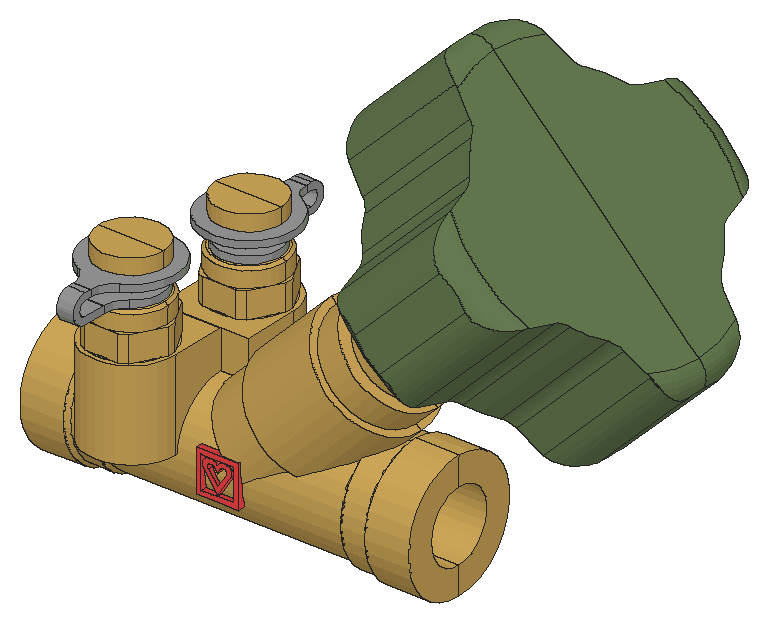
Revit family "Strangregulierventil mit Messblende für Trinkwasseranlagen 4017 MW (LF-MF)", category Rohrzubehör, Revit 2020
Family settings
  Bemaßung runder Anschluss = Durchmesser verwenden
  Teiletyp = Unterbricht
  OmniClass-Nummer = 23.65.55.14
  OmniClass-Titel = Valves for Liquid Services
  Arbeitsebenenbasiert = Nein
  Immer vertikal = Ja
  Beim Laden mit Abzugskörper schneiden = Nein
  Gemeinsam genutzt = Nein
Parameters (values of type "LF")
  kvs-Werte [instance] = if(and(Nennweite = 15.000 mm, LF), 0.46, if(and(Nennweite = 15.000 mm, MF), 0.88, 0))  # 0.46
  kv-Wert der Blende [instance] = if(and(Nennweite = 15.000 mm, LF), 0.48, if(and(Nennweite = 15.000 mm, MF), 0.97, 0))  # 0.48
  W01 = 45.00°  # constant formula
  Vorgabe-Ansicht = 0.000 mm
  URL = "www.herz-armaturen.at"
  SW01 = 60.00°  # constant formula
  SCRNSEQ = "FW;SBT_TYP_FW=\"109\";2"
  SCRNCODE = "04;00;02"  # constant formula
  S03 = 60.000 mm  # constant formula
  S02 [instance] = L04 + L06 + L07  # 76.800 mm
  S01 [instance] = D01 * 2  # 27.000 mm
  R03 = 21.500 mm  # constant formula
  R02 = 9.500 mm  # constant formula
  R01 = 12.000 mm  # constant formula
  O-Ringe = "EPDM"  # constant formula
  Medium = "Trinkwasser"  # constant formula
  MF = no
  LF = yes
  L10 [instance] = 28.500 mm  # constant formula
  L09 [instance] = 22.500 mm  # constant formula
  L08 [instance] = 12.700 mm  # constant formula
  L07 [instance] = 35.100 mm  # constant formula
  L06 [instance] = 6.500 mm  # constant formula
  L05 [instance] = 20.200 mm  # constant formula
  L04 [instance] = 35.200 mm  # constant formula
  L03 [instance] = 1.000 mm  # constant formula
  Hinweis = "Gemäß Art 33 der REACH-Verordnung (EG Nr. 1907/2006) sind wir verpflichtet, darauf hinzuweisen, dass der Stoff Blei auf der SVHC-Liste geführt wird und dass alle aus Messing bestehenden Bauteile, die in unseren Erzeugnissen verarbeitet sind, mehr als 0,1 % (w/w) Blei (CAS: 7439-92-1 / EINECS: 231-100-4) enthalten.\r\nDa Blei als Legierungsbestandteil fest gebunden ist, sind keine Expositionen zu erwarten und daher sind keine zusätzlichen Angaben zur sicheren Verwendung notwendig."
  Handrad = "Kunststoff, grün"  # constant formula
  H03 [instance] = H01 - 19.000 mm  # 1.000 mm
  H02 = 13.000 mm  # constant formula
  Gehäuse = "entzinkungsbeständiges Messing (DZR)"  # constant formula
  E01 [instance] = L00 / -2  # -41.500 mm
  E00 = 0.000 mm  # constant formula
  D09 [instance] = 11.750 mm  # constant formula
  D08 [instance] = 9.500 mm  # constant formula
  D07 [instance] = 12.000 mm  # constant formula
  D06 [instance] = 13.500 mm  # constant formula
  D05 [instance] = 12.500 mm  # constant formula
  D04 [instance] = Nennweite / 2  # 7.500 mm
  IG [instance] = Nennweite / 2  # 7.500 mm
  D03 [instance] = 11.900 mm  # constant formula
  D02 [instance] = 12.700 mm  # constant formula
  D01 [instance] = 13.500 mm  # constant formula
  Nennweite [instance] = 15.000 mm  # constant formula
  Max. Differenzdruck bei geschlossenen Sitz = 1000000.0 Pa  # constant formula
  Max. Betriebstemperatur bei 10 bar = 85 °C  # constant formula
  Max. Betriebsdruck bei 20°C = 2000000.0 Pa  # constant formula
  L02 [instance] = 5.000 mm  # constant formula
  L01 [instance] = 9.250 mm  # constant formula
  L00 [instance] = 83.000 mm  # constant formula
  Hersteller = "HERZ Armaturen Ges.m.b.H."  # constant formula
  H01 [instance] = 20.000 mm  # constant formula
  GT [instance] = 13.200 mm  # constant formula
  DN15 [instance] = Nennweite = 15.000 mm  # yes
  Bestellnummer [instance] = if(and(Nennweite = 15.000 mm, LF), 2401700, if(and(Nennweite = 15.000 mm, MF), 2401709, 0))  # 2401700
  Ausführung = "Nach Norm BS 7350 PN20 Serie B\r\nSchrägsitzregulierventil aus Kupferlegierung.\r\nAlle wasserberührten Metallteile sind aus entzinkungsbeständiger Kupferlegierung hergestellt.\r\nDie Oberteile sind mit nichtsteigender Spindel ausgestattet."
  Anwendungsgebiet = "Zum Absperren und Regulieren von Trinkwasseranlagen in Gebäuden bzw. zum hydraulischen Abgleich von Versorgungsleitungen."
Types (3, lengths in mm): name | kvs-Werte | kv-Wert der Blende | MF | LF | Bestellnummer
  (no name) | 0.46 | 0.48 | no | yes | 2401700
  LF | 0.46 | 0.48 | no | yes | 2401700
  MF | 0.88 | 0.97 | yes | no | 2401709
Reference planes
  plane 1 "Mitte (Vorne/hinten)": y = 0
  plane 2: z = 0
  plane 3 "Mitte (Links/rechts)": x = 0
Forms (mm)
  Revolve 1, solid, material "Messing, weicher Gelbton, geschweißt", detail levels fine
    sketch origin (470, 0, 0) x (1, 0, 0) y (0, 0, 1)
      loop
        line (-511.5, 7.5) -> (-498.3, 7.5) -> (-498.3, 0) -> (-441.7, 0) -> (-441.7, 7.5) -> (-428.5, 7.5) -> (-428.5, 13.5) -> (-437.75, 13.5) -> (-438.55, 12.7) -> (-443.55, 12.7) -> (-444.35, 11.9) -> (-495.65, 11.9) -> (-496.45, 12.7) -> (-501.45, 12.7) -> (-502.25, 13.5) -> (-511.5, 13.5) -> (-511.5, 7.5)
      axis (-511.5, 0) -> (-428.5, 0)
    angle from 0 to 360
  Revolve 2, solid, material "Messing, weicher Gelbton, geschweißt", detail levels fine
    sketch origin (0.32, 0, -0.105) x (1, 0, 0) y (0, 0, 1)
      loop
        line (-1.32, 0.105) -> (52.986, 54.411) -> (44.677, 62.719) -> (35.697, 53.739) -> (37.288, 52.148) -> (21.449, 36.309) -> (19.681, 38.076) -> (15.085, 33.48) -> (14.024, 34.541) -> (-0.259, 20.257) -> (0.448, 19.55) -> (-7.098, 12.005) -> (-6.623, 5.408) -> (-1.32, 0.105)
      axis (-1.32, 0.105) -> (52.986, 54.411)
    angle from 0 to 360
  Extrusion 3, solid, material "Messing, weicher Gelbton, geschweißt", detail levels fine
    sketch origin (0, 0, 0) x (1, 0, 0) y (0, 1, 0)
      loop
        arc (-28.5, -12) -> (-19, -21.5) -> (-9.5, -12) r 9.5
        line (-9.5, -12) -> (-9.5, 0) -> (-28.5, 0) -> (-28.5, -12)
    from 1 <- "H03" to 20 <- "H01"
  Extrusion 4, solid, material "Messing, weicher Gelbton, geschweißt", detail levels fine
    sketch origin (0, 0, 0) x (1, 0, 0) y (0, 1, 0)
      loop
        line (-22.5, 12) -> (-22.5, 0) -> (-3.5, 0) -> (-3.5, 12)
        arc (-3.5, 12) -> (-13, 21.5) -> (-22.5, 12) r 9.5
    from 0 to 20 <- "H01"
Lines and regions (mm)
  model lines, detail levels coarse+medium
    curve 1: line (-41.5, 0, 13.5) -> (-41.5, 0, -13.5)
    curve 2: line (-41.5, 0, -13.5) -> (41.5, 0, 13.5)
    curve 3: line (41.5, 0, 13.5) -> (41.5, 0, -13.5)
    curve 4: line (41.5, 0, -13.5) -> (-41.5, 0, 13.5)
    curve 5: line (0, 0, 0) -> (38.4, 0, 66.511)
    curve 6: line (12.419, 0, 81.511) -> (64.381, 0, 51.511)
    curve 7: line (-41.5, -13.5, 0) -> (-41.5, 13.5, 0)
    curve 8: line (-41.5, 13.5, 0) -> (41.5, -13.5, 0)
    curve 9: line (41.5, -13.5, 0) -> (41.5, 13.5, 0)
    curve 10: line (41.5, 13.5, 0) -> (-41.5, -13.5, 0)
    curve 11: line (0, 0, 0) -> (38.4, 66.511, 0)
    curve 12: line (12.419, 81.511, 0) -> (64.381, 51.511, 0)
Dimensions and locks
  "L00": Revolve 1 sketch curve to Revolve 1 sketch curve
  equal spacing: Revolve 1 sketch curve, plane 3 "Mitte (Links/rechts)", Revolve 1 sketch curve
  "D01": Revolve 1 sketch curve to Revolve 1 sketch curve  (x2)
  "GT": Revolve 1 sketch curve to Revolve 1 sketch curve  (x2)
  "D06": Revolve 2 sketch curve to Revolve 2 sketch curve
  "D07": Revolve 2 sketch curve to Revolve 2 sketch curve
  "D08": Revolve 2 sketch curve to Revolve 2 sketch curve
  "D09": Revolve 2 sketch curve to Revolve 2 sketch curve
  equal spacing: curve 1, plane 3 "Mitte (Links/rechts)", curve 3
  "L00": curve 1 to curve 3
  equal spacing: curve 4, plane 2, curve 2
  "S01": curve 4 to curve 1
  "S01": curve 3 to curve 4
  equal spacing: curve 3, plane 2, curve 4
  "S02": curve 5 to curve 5
  equal spacing: curve 6, curve 5, curve 6
  "S03": curve 6 to curve 6
  equal spacing: curve 7, plane 3 "Mitte (Links/rechts)", curve 9
  "L00": curve 7 to curve 9
  equal spacing: curve 10, plane 1 "Mitte (Vorne/hinten)", curve 8
  "S01": curve 8 to curve 10
  equal spacing: curve 9, plane 1 "Mitte (Vorne/hinten)", curve 10
  "S01": curve 10 to curve 9
  "S02": curve 11 to curve 11
  equal spacing: curve 12, curve 11, curve 12
  "S03": curve 12 to curve 12
  "L01": Revolve 1 sketch curve to Revolve 1 sketch curve  (x2)
  "D02": Revolve 1 sketch curve to plane 2  (x2)
  "D03": Revolve 1 sketch curve to plane 2
  "IG": Revolve 1 sketch curve to plane 2  (x2)
  "L02": Revolve 1 sketch curve to Revolve 1 sketch curve  (x2)
  "L04": Revolve 2 sketch curve to Revolve 2 sketch curve
  "L05": Revolve 2 sketch curve to Revolve 2 sketch curve
  "D03": Revolve 2 sketch curve to plane 2
  "L06": Revolve 2 sketch curve to Revolve 2 sketch curve
  "L08": Revolve 2 sketch curve to Revolve 2 sketch curve
  "L07": Revolve 2 sketch curve to Revolve 2 sketch curve
  "D04": Revolve 2 sketch curve to Revolve 2 sketch curve
  "D05": Revolve 2 sketch curve to Revolve 2 sketch curve
  "L03": plane 3 "Mitte (Links/rechts)" to Revolve 2 sketch curve  (x2)
  "D03": nested 1 to plane 1 "Mitte (Vorne/hinten)"
  "L09": Revolve 1 to Extrusion 3 sketch curve
  "R01": Extrusion 3 sketch curve to plane 1 "Mitte (Vorne/hinten)"
  "R01": plane 1 "Mitte (Vorne/hinten)" to Extrusion 4 sketch curve
  "L10": Revolve 1 to Extrusion 4 sketch curve
  "H01": nested 3 to plane 2
  "H01": nested 2 to plane 2
  "R01": nested 3 to plane 1 "Mitte (Vorne/hinten)"
  "R01": plane 1 "Mitte (Vorne/hinten)" to nested 2
  "L10": Revolve 1 to nested 2
  "L09": Revolve 1 to nested 3
  "R02": radius of Extrusion 3 sketch curve
  "R02": radius of Extrusion 4 sketch curve
  "W01": angle level to Revolve 2 sketch curve
  "SW01": angle plane 2 to curve 5
  "SW01": angle plane 1 "Mitte (Vorne/hinten)" to curve 11
  "W01": angle Revolve 1 sketch curve to Revolve 1 sketch curve  (x4)
  "W01": angle plane 2 to Revolve 2 sketch curve
  aligned and locked: level to plane 2
Automatic sketch dimensions
  curve 5 to level = 0.000 mm
  plane 1 "Mitte (Vorne/hinten)" to curve 11 = 0.000 mm
  Revolve 1 sketch curve to level = 0.000 mm  (x2)
  Revolve 1 sketch curve to Revolve 1 sketch curve = 791.990 mm
  Revolve 1 sketch curve to Revolve 1 sketch curve = 2278.983 mm
  Revolve 2 sketch curve to level = 0.000 mm  (x2)
  plane 1 "Mitte (Vorne/hinten)" to Extrusion 3 sketch curve = 0.000 mm
  plane 1 "Mitte (Vorne/hinten)" to Extrusion 4 sketch curve = 0.000 mm
Nested families
  nested 1: "Herz-Logo-vorne" at (0, -11.9, 0) x (0, 1, 0) z (0, 0, 1), type "Herz-Logo-vorne", detail levels fine
  nested 2: "Messstutzen_Band_Austritt_senkrecht_(oben)" at (-13, 12, 2.5), type "Messstutzen_Band_Austritt_senkrecht_(oben)"
    with Schutzkappe yes, Nennweite 0.000 mm, Gewicht 0.00 kg, Bestellnummer 0
  nested 3: "Messstutzen_Band_Eintritt_senkrecht_(oben)" at (-19, -12, 2.5) x (-1, 0, 0) z (0, 0, 1), type "Messstutzen_Band_Eintritt_senkrecht_(oben)"
    with Schutzkappe yes, Nennweite 0.000 mm, Gewicht 0.00 kg, Bestellnummer 0
  nested 4: "Strangregulierventil-Handrad (Grün) DN15-DN32" at (53.306, 0, 54.306), visible <- "DN15", type "Strangregulierventil-Handrad (Grün) DN15-DN32"
    with Nennweite 0.000 mm, Gewicht 0.00 kg, Bestellnummer 0
Connectors
  piping at (-28.3, 0, 0), diameter 15, driven by "Nennweite"
    settings: on Revolve 1, index 1, connector inside diameter 609.6 mm, connector length 0.000 mm, flow factor 0, pipe flow 0.0 L/s, pressure drop 0.0 Pa, fitting loss kfactor 0, connector angle 0.00°, fixture units 0, engagement length 0.000 mm, angle of deflection 0.00°, flow configuration 0, flow direction 1, fitting loss method 0, system type 29, joint type 0, gender type 0, connector reference index -1, connector utility 0, adjustable connector no, is connector primary yes, connector description ""
  piping at (28.3, 0, 0), diameter 15, driven by "Nennweite"
    settings: on Revolve 1, index 2, connector inside diameter 609.6 mm, connector length 0.000 mm, flow factor 0, pipe flow 0.0 L/s, pressure drop 0.0 Pa, fitting loss kfactor 0, connector angle 0.00°, fixture units 0, engagement length 0.000 mm, angle of deflection 0.00°, flow configuration 0, flow direction 2, fitting loss method 0, system type 29, joint type 0, gender type 0, connector reference index -1, connector utility 0, adjustable connector no, is connector primary no, connector description ""
Definition of nested family "Herz-Logo-vorne"
  Parameters (values of type "Herz-Logo-vorne")
    Default Elevation = 0.000 mm
  Reference planes
    plane 1 "Mitte (Vorne/hinten)": y = 0
    plane 2: z = 0
    plane 3 "Mitte (Links/rechts)": x = 0
  Forms (mm)
    Extrusion 1, solid
      sketch origin (0.732, -0.018, 0.017) x (0, -1, 0) y (0, 0, 1)
        loop
          line (-0.018, -4.517) -> (4.482, -4.517) -> (4.482, 4.483) -> (-4.518, 4.483) -> (-4.518, -4.517) -> (-0.018, -4.517)
        loop
          line (-0.05, -3.48) -> (3.482, -3.48) -> (3.482, 3.483) -> (-3.518, 3.483) -> (-3.518, -3.48) -> (-0.05, -3.48)
        loop
          arc (-0.018, 2.383) -> (-1.543, 3.287) -> (-3.067, 2.383) r 1.738
          arc (-3.067, 2.383) -> (-3.191, 1.899) -> (-3.067, 1.415) r 1.009
          line (-3.067, 1.415) -> (-0.018, -3.281) -> (3.032, 1.415)
          arc (3.032, 1.415) -> (3.156, 1.899) -> (3.032, 2.383) r 1.009
          arc (3.032, 2.383) -> (1.507, 3.287) -> (-0.018, 2.383) r 1.738
        loop
          arc (1.885, 1.272) -> (2.005, 1.675) -> (1.885, 2.079) r 0.74
          arc (1.885, 2.079) -> (1.265, 2.416) -> (0.644, 2.079) r 0.74
          line (0.644, 2.079) -> (-0.018, 0.97) -> (-0.679, 2.079)
          arc (-0.679, 2.079) -> (-1.3, 2.416) -> (-1.921, 2.079) r 0.74
          arc (-1.921, 2.079) -> (-2.04, 1.675) -> (-1.921, 1.272) r 0.74
          line (-1.921, 1.272) -> (-0.018, -1.658) -> (1.885, 1.272)
      from 0 to 1.5
  Dimensions and locks
    aligned and locked: level to plane 2
Definition of nested family "Messstutzen_Band_Austritt_senkrecht_(oben)"
  Parameters (values of type "Messstutzen_Band_Austritt_senkrecht_(oben)")
    Default Elevation = 0.000 mm
    URL = "www.herz-armaturen.at"
    Schutzkappe [instance] = yes
    Nennweite [instance] = 0.000 mm
    Manufacturer = "Herz Armaturen GmbH"  # constant formula
    Gewicht [instance] = 0.00 kg
    Bestellnummer [instance] = 0
  Reference planes
    plane 1 "Mitte (Vorne/hinten)": y = 0
    plane 2: z = 0
    plane 3 "Mitte (Links/rechts)": x = 0
    plane 4 "Schlaufe 1": z = -27
    plane 5 "Schlaufe 2": z = -31.678
  Forms (mm)
    Revolve 1, solid, detail levels fine
      sketch origin (0, 0, 0) x (1, 0, 0) y (0, 0, 1)
        loop
          line (-7.4, 9) -> (-5.55, 9) -> (-5.55, 6)
          arc (-5.55, 6) -> (-5.626, 5.617) -> (-5.843, 5.293) r 1
          line (-5.843, 5.293) -> (-6.455, 4.681) -> (-6.455, 0.9) -> (-5.555, 0) -> (-2, 0) -> (-2, 17.5) -> (-8.4, 17.5)
          arc (-8.4, 17.5) -> (-7.693, 17.207) -> (-7.4, 16.5) r 1
          line (-7.4, 16.5) -> (-7.4, 9)
        loop
          line (-3.7, 27) -> (-7.3, 27) -> (-7.9, 26.4) -> (-7.9, 23) -> (-2, 23) -> (-2, 35.8) -> (-3.805, 35.8) -> (-4.415, 35.19) -> (-4.415, 30.863) -> (-3.7, 30.45) -> (-3.7, 27)
        axis (0, 0) -> (0, 35.8)
      angle from 0 to 360
    Extrusion 2, solid, detail levels fine
      sketch origin (0, 0, 17.5) x (0, 1, 0) y (-1, 0, 0)
        loop
          arc (-7.07, 5.156) -> (-7.578, 4.375) -> (-8, 3.544) r 8.75
          line (-8, 3.544) -> (-8, -3.544)
          arc (-8, -3.544) -> (-7.578, -4.375) -> (-7.07, -5.156) r 8.75
          line (-7.07, -5.156) -> (-0.93, -8.7)
          arc (-0.93, -8.7) -> (0, -8.75) -> (0.93, -8.7) r 8.75
          line (0.93, -8.7) -> (7.07, -5.156)
          arc (7.07, -5.156) -> (7.578, -4.375) -> (8, -3.544) r 8.75
          line (8, -3.544) -> (8, 3.544)
          arc (8, 3.544) -> (7.578, 4.375) -> (7.07, 5.156) r 8.75
          line (7.07, 5.156) -> (0.93, 8.7)
          arc (0.93, 8.7) -> (0, 8.75) -> (-0.93, 8.7) r 8.75
          line (-0.93, 8.7) -> (-7.07, 5.156)
      from 0 to 5.5
    Revolve 3, solid, visible <- "Schutzkappe", detail levels fine
      sketch origin (0, 0, 0) x (1, 0, 0) y (0, 0, 1)
        loop
          line (0, 35.878) -> (0, 36.678) -> (-7, 36.678) -> (-7, 33.378) -> (-6.1, 33.378) -> (-6.1, 31.678) -> (-6.9, 31.678) -> (-6.9, 30.178) -> (-4.415, 30.178) -> (-4.415, 35.268) -> (-3.805, 35.878) -> (0, 35.878)
        axis (0, 30.178) -> (0, 36.678)
      angle from 0 to 360
    Extrusion 4, solid, detail levels fine
      sketch origin (0, 0, 28.5) x (1, 0, 0) y (0, 1, 0)
        loop
          circle (0, 0) r 3.7
        loop
          arc (-3.906, 5.505) -> (0, -6.75) -> (3.906, 5.505) r 6.75
          arc (3.906, 5.505) -> (2.358, 7.288) -> (1.8, 9.582) r 5
          line (1.8, 9.582) -> (-1.8, 9.582)
          arc (-1.8, 9.582) -> (-2.358, 7.288) -> (-3.906, 5.505) r 5
      from 0 to -1.5
    Extrusion 5, solid, detail levels fine
      sketch origin (0, 0, 33.178) x (1, 0, 0) y (0, 1, 0)
        loop
          circle (0, 0) r 6.1
        loop
          arc (-4.495, 8.652) -> (0, -9.75) -> (4.495, 8.652) r 9.75
          arc (4.495, 8.652) -> (2.527, 10.493) -> (1.8, 13.089) r 5
          line (1.8, 13.089) -> (-1.8, 13.089)
          arc (-1.8, 13.089) -> (-2.527, 10.493) -> (-4.495, 8.652) r 5
      from 0 to -1.5
    Sweep 6, solid, detail levels fine
      path origin (0, 0, 0) x (0, 0, -1) y (0, -1, 0)
        loop
          line (-27.75, -9.582) -> (-27.75, -14.522)
          arc (-27.75, -14.522) -> (-30.089, -16.862) -> (-32.428, -14.522) r 2.339
          line (-32.428, -14.522) -> (-32.428, -13.089)
      profile origin (0, 12.052, 27.75) x (0, 0, 1) y (1, 0, 0)
        loop
          line (-0.75, -1.8) -> (0.75, -1.8) -> (0.75, 1.8) -> (-0.75, 1.8) -> (-0.75, -1.8)
  Dimensions and locks
    aligned and locked: level to plane 2
Definition of nested family "Messstutzen_Band_Eintritt_senkrecht_(oben)"
  Parameters (values of type "Messstutzen_Band_Eintritt_senkrecht_(oben)")
    Default Elevation = 0.000 mm
    URL = "www.herz-armaturen.at"
    Schutzkappe [instance] = yes
    Nennweite [instance] = 0.000 mm
    Manufacturer = "Herz Armaturen GmbH"  # constant formula
    Gewicht [instance] = 0.00 kg
    Bestellnummer [instance] = 0
  Reference planes
    plane 1 "Mitte (Vorne/hinten)": y = 0
    plane 2: z = 0
    plane 3 "Mitte (Links/rechts)": x = 0
    plane 4 "Schlaufe 1": z = -27
    plane 5 "Schlaufe 2": z = -31.678
  Forms (mm)
    Revolve 1, solid, detail levels fine
      sketch origin (0, 0, 0) x (1, 0, 0) y (0, 0, 1)
        loop
          line (-7.4, 9) -> (-5.55, 9) -> (-5.55, 6)
          arc (-5.55, 6) -> (-5.626, 5.617) -> (-5.843, 5.293) r 1
          line (-5.843, 5.293) -> (-6.455, 4.681) -> (-6.455, 0.9) -> (-5.555, 0) -> (-2, 0) -> (-2, 17.5) -> (-8.4, 17.5)
          arc (-8.4, 17.5) -> (-7.693, 17.207) -> (-7.4, 16.5) r 1
          line (-7.4, 16.5) -> (-7.4, 9)
        loop
          line (-3.7, 27) -> (-7.3, 27) -> (-7.9, 26.4) -> (-7.9, 23) -> (-2, 23) -> (-2, 35.8) -> (-3.805, 35.8) -> (-4.415, 35.19) -> (-4.415, 30.863) -> (-3.7, 30.45) -> (-3.7, 27)
        axis (0, 0) -> (0, 35.8)
      angle from 0 to 360
    Extrusion 2, solid, detail levels fine
      sketch origin (0, 0, 17.5) x (0, 1, 0) y (-1, 0, 0)
        loop
          arc (-7.07, 5.156) -> (-7.578, 4.375) -> (-8, 3.544) r 8.75
          line (-8, 3.544) -> (-8, -3.544)
          arc (-8, -3.544) -> (-7.578, -4.375) -> (-7.07, -5.156) r 8.75
          line (-7.07, -5.156) -> (-0.93, -8.7)
          arc (-0.93, -8.7) -> (0, -8.75) -> (0.93, -8.7) r 8.75
          line (0.93, -8.7) -> (7.07, -5.156)
          arc (7.07, -5.156) -> (7.578, -4.375) -> (8, -3.544) r 8.75
          line (8, -3.544) -> (8, 3.544)
          arc (8, 3.544) -> (7.578, 4.375) -> (7.07, 5.156) r 8.75
          line (7.07, 5.156) -> (0.93, 8.7)
          arc (0.93, 8.7) -> (0, 8.75) -> (-0.93, 8.7) r 8.75
          line (-0.93, 8.7) -> (-7.07, 5.156)
      from 0 to 5.5
    Revolve 3, solid, visible <- "Schutzkappe", detail levels fine
      sketch origin (0, 0, 0) x (1, 0, 0) y (0, 0, 1)
        loop
          line (0, 35.878) -> (0, 36.678) -> (-7, 36.678) -> (-7, 33.378) -> (-6.1, 33.378) -> (-6.1, 31.678) -> (-6.9, 31.678) -> (-6.9, 30.178) -> (-4.415, 30.178) -> (-4.415, 35.268) -> (-3.805, 35.878) -> (0, 35.878)
        axis (0, 30.178) -> (0, 36.678)
      angle from 0 to 360
    Extrusion 4, solid, detail levels fine
      sketch origin (0, 0, 28.5) x (1, 0, 0) y (0, 1, 0)
        loop
          circle (0, 0) r 3.7
        loop
          arc (-3.906, 5.505) -> (0, -6.75) -> (3.906, 5.505) r 6.75
          arc (3.906, 5.505) -> (2.358, 7.288) -> (1.8, 9.582) r 5
          line (1.8, 9.582) -> (-1.8, 9.582)
          arc (-1.8, 9.582) -> (-2.358, 7.288) -> (-3.906, 5.505) r 5
      from 0 to -1.5
    Extrusion 5, solid, detail levels fine
      sketch origin (0, 0, 33.178) x (1, 0, 0) y (0, 1, 0)
        loop
          circle (0, 0) r 6.1
        loop
          arc (-4.495, 8.652) -> (0, -9.75) -> (4.495, 8.652) r 9.75
          arc (4.495, 8.652) -> (2.527, 10.493) -> (1.8, 13.089) r 5
          line (1.8, 13.089) -> (-1.8, 13.089)
          arc (-1.8, 13.089) -> (-2.527, 10.493) -> (-4.495, 8.652) r 5
      from 0 to -1.5
    Sweep 6, solid, detail levels fine
      path origin (0, 0, 0) x (0, 0, -1) y (0, -1, 0)
        loop
          line (-27.75, -9.582) -> (-27.75, -14.522)
          arc (-27.75, -14.522) -> (-30.089, -16.862) -> (-32.428, -14.522) r 2.339
          line (-32.428, -14.522) -> (-32.428, -13.089)
      profile origin (0, 12.052, 27.75) x (0, 0, 1) y (1, 0, 0)
        loop
          line (-0.75, -1.8) -> (0.75, -1.8) -> (0.75, 1.8) -> (-0.75, 1.8) -> (-0.75, -1.8)
  Dimensions and locks
    aligned and locked: level to plane 2
Definition of nested family "Strangregulierventil-Handrad (Grün) DN15-DN32"
  Parameters (values of type "Strangregulierventil-Handrad (Grün) DN15-DN32")
    Default Elevation = 0.000 mm
    URL = "www.herz-armaturen.at"
    Nennweite [instance] = 0.000 mm
    Manufacturer = "Herz Armaturen GmbH"  # constant formula
    Gewicht [instance] = 0.00 kg
    Bestellnummer [instance] = 0
  Reference planes
    plane 1 "Mitte (Vorne/hinten)": y = 0
    plane 2: z = 0
    plane 3 "Mitte (Links/rechts)": x = 0
  Forms (mm)
    Revolve 1, solid, detail levels fine
      sketch origin (0, 0, 0) x (0.707107, 0, -0.707107) y (0.707107, 0, 0.707107)
        loop
          line (0, 0) -> (0, 24.95) -> (-30.992, 24.95)
          arc (-30.992, 24.95) -> (-34.37, 23.636) -> (-35.973, 20.386) r 5
          line (-35.973, 20.386) -> (-37, 8.65) -> (-35.986, -2.936)
          arc (-35.986, -2.936) -> (-34.383, -6.186) -> (-31.005, -7.5) r 5
          line (-31.005, -7.5) -> (-15, -7.5) -> (-15, 0) -> (0, 0)
        axis (0, 24.95) -> (0, -7.5)
      angle from 0 to 360
    Extrusion 2, void
      sketch origin (14.354, 0, 14.354) x (0.707107, 0, -0.707107) y (0, 1, 0)
        loop
          line (3.861, 35.5) -> (-3.861, 35.5)
          arc (-3.861, 35.5) -> (-8.731, 33.847) -> (-11.589, 29.571) r 8
          line (-11.589, 29.571) -> (-13.284, 23.245)
          arc (-13.284, 23.245) -> (-13.982, 21.722) -> (-15.144, 20.516) r 5
          arc (-15.144, 20.516) -> (-18.031, 18.031) -> (-20.516, 15.144) r 25.5
          arc (-20.516, 15.144) -> (-21.722, 13.982) -> (-23.245, 13.284) r 5
          line (-23.245, 13.284) -> (-29.571, 11.589)
          arc (-29.571, 11.589) -> (-33.847, 8.731) -> (-35.5, 3.861) r 8
          line (-35.5, 3.861) -> (-35.5, -3.861)
          arc (-35.5, -3.861) -> (-33.847, -8.731) -> (-29.571, -11.589) r 8
          line (-29.571, -11.589) -> (-23.245, -13.284)
          arc (-23.245, -13.284) -> (-21.722, -13.982) -> (-20.516, -15.144) r 5
          arc (-20.516, -15.144) -> (-18.031, -18.031) -> (-15.144, -20.516) r 25.5
          arc (-15.144, -20.516) -> (-13.982, -21.722) -> (-13.284, -23.245) r 5
          line (-13.284, -23.245) -> (-11.589, -29.571)
          arc (-11.589, -29.571) -> (-8.731, -33.847) -> (-3.861, -35.5) r 8
          line (-3.861, -35.5) -> (3.861, -35.5)
          arc (3.861, -35.5) -> (8.731, -33.847) -> (11.589, -29.571) r 8
          line (11.589, -29.571) -> (13.284, -23.245)
          arc (13.284, -23.245) -> (13.982, -21.722) -> (15.144, -20.516) r 5
          arc (15.144, -20.516) -> (18.031, -18.031) -> (20.516, -15.144) r 25.5
          arc (20.516, -15.144) -> (21.722, -13.982) -> (23.245, -13.284) r 5
          line (23.245, -13.284) -> (29.571, -11.589)
          arc (29.571, -11.589) -> (33.847, -8.731) -> (35.5, -3.861) r 8
          line (35.5, -3.861) -> (35.5, 3.861)
          arc (35.5, 3.861) -> (33.847, 8.731) -> (29.571, 11.589) r 8
          line (29.571, 11.589) -> (23.245, 13.284)
          arc (23.245, 13.284) -> (21.722, 13.982) -> (20.516, 15.144) r 5
          arc (20.516, 15.144) -> (18.031, 18.031) -> (15.144, 20.516) r 25.5
          arc (15.144, 20.516) -> (13.982, 21.722) -> (13.284, 23.245) r 5
          line (13.284, 23.245) -> (11.589, 29.571)
          arc (11.589, 29.571) -> (8.731, 33.847) -> (3.861, 35.5) r 8
        loop
          circle (0, 0) r 38
      from -31.266 to 7.923
  Cuts and joins
    Extrusion 2 cuts Revolve 1
  Dimensions and locks
    Revolve 1 sketch curve to Revolve 1 sketch curve = 15.000 mm
    Revolve 1 sketch curve to Revolve 1 sketch curve = 16.150 mm
    Revolve 1 sketch curve to Revolve 1 sketch curve = 16.300 mm
    angle Revolve 1 sketch curve to Revolve 1 sketch curve = 95.00°
    aligned and locked: level to plane 2
